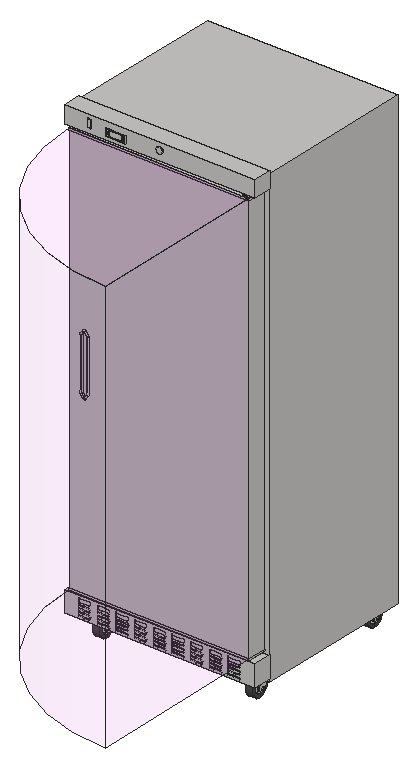
Revit family "QF_Kelvinator_738251_KCHRI25R1DRE_Reach_In_Back_Room_Refrigerator_31_Long", category Specialty Equipment, Revit 2021
Family settings
  Round Connector Dimension = Use Diameter
  Part Type = Normal
  Work Plane-Based = No
  Always vertical = Yes
  Cut with Voids When Loaded = No
  Shared = No
  Room Calculation Point = No
Parameters
  Weight in Pounds = 249.122
  Watts = if(Phase = 3, Volts * FL Amps * 1.73, Volts * FL Amps)  # 345 W
  Volts = 115 V
  URL Cutsheet = ""
  Specification by User = ""
  Specification by Manufacturer = ""
  Show Right Door [instance] = not(Show Left Door)  # no
  Show Left Door [instance] = yes
  Serial Number = ""
  Seismic Rating = ""
  SMACNA No = ""
  Revision Code = ""
  Refrigerant Type = "R290"
  Phase = 1
  Number of Poles = 1
  NAFEM Spec ID Number = ""
  Model = "738251 (KCHRI25R1DRE)"
  Min Ckt Ampacity = 0 A
  Max Overcurrent Protection = 0 A
  Masterspec = ""
  Manufacturer = "Kelvinator Commercial"
  Length = 30 9/16"
  Item Number = "738251"
  Installed By = ""
  Identify Quantity as Lot = yes
  Height = 77 3/16"
  HP = "1/5"
  Furnished By = ""
  Foodservice Equipment Identifier = yes
  FL Amps = 3 A
  Electrical Remarks = ""
  Electric Connection Type = ""
  Elec Conn RI Height = 0"
  Elec Conn Connection Height = 0"
  Description = "Reach In Back Room Refrigerator 31\" Long"
  Depth = 28 3/4"
  Default Elevation = 0"
  Cycle = 60 Hz
  Conn Plug = "5-15P"
  Conn Conduit = yes
  CSI MasterFormat = ""
  Apparent Power = if(Phase = 3, Volts * FL Amps * 1.73, Volts * FL Amps)  # 345 VA
Reference planes (in)
  plane 1 "BACK": y = 0
  plane 2: z = 0
  plane 3 "LEFT": x = 0
  plane 4 "RIGHT": x = 30.5625
  plane 5 "FRONT": y = -28.75
  plane 6 "TOP": z = 77.1875
  plane 7 "Center Y": x = 15.28125
  plane 8 "Center X": y = -14.375
Dimensions and locks (in)
  equal spacing: plane 3 "LEFT", plane 7 "Center Y", plane 4 "RIGHT"
  "Length": plane 3 "LEFT" to plane 4 "RIGHT"
  equal spacing: plane 5 "FRONT", plane 8 "Center X", plane 1 "BACK"
  "Depth": plane 5 "FRONT" to plane 1 "BACK"
  "Height": plane 6 "TOP" to level
  aligned and locked: level to plane 2
Nested families (in)
  nested 1: "KCHRI25R1DRE" at (0, 0, 0), Show Right Door <- "Show Right Door", Show Left Door <- "Show Left Door", type "KCHRI25R1DRE"
    with Show Right Door no, Show Left Door yes, Show Clearance yes
Connectors (in)
  electrical at (28.90625, -0.69297, 2.64771), driven by "Volts", driven by "Watts"
    settings: on nested 1, index 1, voltage 115 V, apparent load 345 VA, apparent load phase1 0 VA, apparent load phase2 0 VA, apparent load phase3 0 VA, power factor 1, load classification "Power", number of poles 1, system type 30, power factor state 1, is connector primary yes, connector utility no, sub classification motor no, connector description "Electrical Connection"
Definition of nested family "KCHRI25R1DRE"
  Parameters (values of type "KCHRI25R1DRE")
    Weight in Pounds = 0
    URL Cutsheet = ""
    Specification by User = ""
    Specification by Manufacturer = ""
    Show Right Door [instance] = yes
    Show Left Door [instance] = yes
    Show Clearance [instance] = yes
    Serial Number = ""
    Seismic Rating = ""
    SMACNA No = ""
    Revision Code = ""
    NAFEM Spec ID Number = ""
    Masterspec = ""
    Length = 30 9/16"
    Item Number = ""
    Installed By = ""
    Identify Quantity as Lot = yes
    Height = 77 3/16"
    Furnished By = ""
    Foodservice Equipment Identifier = yes
    Depth = 28 3/4"
    Default Elevation = 0"
    CSI MasterFormat = ""
  Reference planes (in)
    plane 1 "BACK": y = 0
    plane 2: z = 0
    plane 3 "LEFT": x = 0
    plane 4 "RIGHT": x = 30.5625
    plane 5 "FRONT": y = -28.75
    plane 6 "TOP": z = 77.1875
    plane 7 "Center Y": x = 15.28125
    plane 8 "Center X": y = -14.375
    plane 9: y = -57.64
    plane 10: y = -25.79
    plane 11: z = 3.545
    plane 12: z = 73.4275
    plane 13: z = 8.0775
  Forms (in)
    Extrusion 1, solid
      sketch origin (0, 0, 0) x (0, 1, 0) y (0, 0, 1)
        loop
          line (-25.79, 76.79) -> (-25.79, 3.545) -> (0, 3.545) -> (0, 76.79) -> (-25.79, 76.79)
      from 0 to 30.5625
    Extrusion 2, solid
      sketch origin (0, 0, 0) x (0, 1, 0) y (0, 0, 1)
        loop
          line (-28.75, 77.1875) -> (-28.75, 74.5625) -> (-25.79, 74.5625) -> (-25.79, 77.1875) -> (-28.75, 77.1875)
        loop
          line (-25.79, 4.045) -> (-25.79, 7.4425) -> (-28.75, 7.4425) -> (-28.75, 4.045) -> (-25.79, 4.045)
      from 0 to 30.5625
    Extrusion 3, solid
      sketch origin (0, -28.75, 77.1875) x (0, 0, -1) y (1, 0, 0)
        loop
          line (0.52222, 3.80686) -> (1.79472, 3.80686) -> (1.79472, 4.30686) -> (0.52222, 4.30686) -> (0.52222, 3.80686)
        loop
          circle (1.07423, 15.28125) r 0.5
      from 0 to 0.06
    Extrusion 4, solid
      sketch origin (-16.70908, -28.75, 66.95231) x (-1, 0, 0) y (0, 0, 1)
        loop
          line (-23.36283, 9.33272) -> (-26.51243, 9.33272) -> (-26.51243, 8.15162) -> (-23.36283, 8.15162) -> (-23.36283, 9.33272)
        loop
          line (-23.44157, 9.25607) -> (-23.83527, 9.25607) -> (-23.83527, 8.93693) -> (-23.44157, 8.93693) -> (-23.44157, 9.25607)
        loop
          line (-23.44157, 8.90174) -> (-23.83527, 8.90174) -> (-23.83527, 8.5826) -> (-23.44157, 8.5826) -> (-23.44157, 8.90174)
        loop
          line (-23.44157, 8.54741) -> (-23.83527, 8.54741) -> (-23.83527, 8.22827) -> (-23.44157, 8.22827) -> (-23.44157, 8.54741)
        loop
          line (-26.43369, 9.25607) -> (-26.43369, 8.93693) -> (-26.03999, 8.93693) -> (-26.03999, 9.25607) -> (-26.43369, 9.25607)
        loop
          line (-26.43369, 8.90174) -> (-26.43369, 8.5826) -> (-26.03999, 8.5826) -> (-26.03999, 8.90174) -> (-26.43369, 8.90174)
        loop
          line (-26.43369, 8.54741) -> (-26.43369, 8.22827) -> (-26.03999, 8.22827) -> (-26.03999, 8.54741) -> (-26.43369, 8.54741)
        loop
          line (-23.91275, 9.25607) -> (-25.96251, 9.25607) -> (-25.96251, 8.23216) -> (-23.91275, 8.23216) -> (-23.91275, 9.25607)
      from 0.07874 to -0.04602
    Extrusion 5, solid
      sketch origin (-16.70908, -28.79602, 66.95231) x (1, 0, 0) y (0, 0, 1)
        loop
          line (26.03999, 9.25607) -> (26.03999, 8.93693) -> (26.43369, 8.93693) -> (26.43369, 9.25607) -> (26.03999, 9.25607)
        loop
          line (26.03999, 8.90174) -> (26.03999, 8.5826) -> (26.43369, 8.5826) -> (26.43369, 8.90174) -> (26.03999, 8.90174)
        loop
          line (26.03999, 8.54741) -> (26.03999, 8.22827) -> (26.43369, 8.22827) -> (26.43369, 8.54741) -> (26.03999, 8.54741)
        loop
          line (23.83527, 9.25607) -> (23.44157, 9.25607) -> (23.44157, 8.93693) -> (23.83527, 8.93693) -> (23.83527, 9.25607)
        loop
          line (23.83527, 8.90174) -> (23.44157, 8.90174) -> (23.44157, 8.5826) -> (23.83527, 8.5826) -> (23.83527, 8.90174)
        loop
          line (23.83527, 8.54741) -> (23.44157, 8.54741) -> (23.44157, 8.22827) -> (23.83527, 8.22827) -> (23.83527, 8.54741)
      from 0 to -0.07874
    Extrusion 6, solid
      sketch origin (-16.70908, -28.79602, 66.95231) x (1, 0, 0) y (0, 0, 1)
        loop
          line (23.91275, 9.25607) -> (23.91275, 8.23216) -> (25.96251, 8.23216) -> (25.96251, 9.25607) -> (23.91275, 9.25607)
      from 0 to -0.07874
    Extrusion 7, void
      sketch origin (-16.70908, -28.75, 66.95231) x (-1, 0, 0) y (0, 0, 1)
        loop
          line (-23.36283, 9.33272) -> (-26.51243, 9.33272) -> (-26.51243, 8.15162) -> (-23.36283, 8.15162) -> (-23.36283, 9.33272)
      from 0 to 0.07874
    Extrusion 8, void
      sketch origin (0, -28.75, 4.045) x (0, 0, -1) y (-1, 0, 0)
        loop
          line (-3.085, -15.28125) -> (-3.085, -16.28125) -> (-2.375, -16.28125) -> (-2.375, -15.28125) -> (-2.375, -14.28125) -> (-3.085, -14.28125) -> (-3.085, -15.28125)
        loop
          line (-2.1875, -15.28125) -> (-2.1875, -16.28125) -> (-1.875, -16.28125) -> (-1.875, -15.28125) -> (-1.875, -14.28125) -> (-2.1875, -14.28125) -> (-2.1875, -15.28125)
        loop
          line (-1.6875, -15.28125) -> (-1.6875, -16.28125) -> (-1.375, -16.28125) -> (-1.375, -15.28125) -> (-1.375, -14.28125) -> (-1.6875, -14.28125) -> (-1.6875, -15.28125)
        loop
          line (-1.1875, -15.28125) -> (-1.1875, -16.28125) -> (-0.875, -16.28125) -> (-0.875, -15.28125) -> (-0.875, -14.28125) -> (-1.1875, -14.28125) -> (-1.1875, -15.28125)
        loop
          line (-0.6875, -15.28125) -> (-0.6875, -16.28125) -> (-0.375, -16.28125) -> (-0.375, -15.28125) -> (-0.375, -14.28125) -> (-0.6875, -14.28125) -> (-0.6875, -15.28125)
        loop
          line (-3.085, -18.28125) -> (-3.085, -19.28125) -> (-2.375, -19.28125) -> (-2.375, -18.28125) -> (-2.375, -17.28125) -> (-3.085, -17.28125) -> (-3.085, -18.28125)
        loop
          line (-2.1875, -18.28125) -> (-2.1875, -19.28125) -> (-1.875, -19.28125) -> (-1.875, -18.28125) -> (-1.875, -17.28125) -> (-2.1875, -17.28125) -> (-2.1875, -18.28125)
        loop
          line (-1.6875, -18.28125) -> (-1.6875, -19.28125) -> (-1.375, -19.28125) -> (-1.375, -18.28125) -> (-1.375, -17.28125) -> (-1.6875, -17.28125) -> (-1.6875, -18.28125)
        loop
          line (-1.1875, -18.28125) -> (-1.1875, -19.28125) -> (-0.875, -19.28125) -> (-0.875, -18.28125) -> (-0.875, -17.28125) -> (-1.1875, -17.28125) -> (-1.1875, -18.28125)
        loop
          line (-0.6875, -18.28125) -> (-0.6875, -19.28125) -> (-0.375, -19.28125) -> (-0.375, -18.28125) -> (-0.375, -17.28125) -> (-0.6875, -17.28125) -> (-0.6875, -18.28125)
        loop
          line (-3.085, -21.28125) -> (-3.085, -22.28125) -> (-2.375, -22.28125) -> (-2.375, -21.28125) -> (-2.375, -20.28125) -> (-3.085, -20.28125) -> (-3.085, -21.28125)
        loop
          line (-2.1875, -21.28125) -> (-2.1875, -22.28125) -> (-1.875, -22.28125) -> (-1.875, -21.28125) -> (-1.875, -20.28125) -> (-2.1875, -20.28125) -> (-2.1875, -21.28125)
        loop
          line (-1.6875, -21.28125) -> (-1.6875, -22.28125) -> (-1.375, -22.28125) -> (-1.375, -21.28125) -> (-1.375, -20.28125) -> (-1.6875, -20.28125) -> (-1.6875, -21.28125)
        loop
          line (-1.1875, -21.28125) -> (-1.1875, -22.28125) -> (-0.875, -22.28125) -> (-0.875, -21.28125) -> (-0.875, -20.28125) -> (-1.1875, -20.28125) -> (-1.1875, -21.28125)
        loop
          line (-0.6875, -21.28125) -> (-0.6875, -22.28125) -> (-0.375, -22.28125) -> (-0.375, -21.28125) -> (-0.375, -20.28125) -> (-0.6875, -20.28125) -> (-0.6875, -21.28125)
        loop
          line (-3.085, -24.28125) -> (-3.085, -25.28125) -> (-2.375, -25.28125) -> (-2.375, -24.28125) -> (-2.375, -23.28125) -> (-3.085, -23.28125) -> (-3.085, -24.28125)
        loop
          line (-2.1875, -24.28125) -> (-2.1875, -25.28125) -> (-1.875, -25.28125) -> (-1.875, -24.28125) -> (-1.875, -23.28125) -> (-2.1875, -23.28125) -> (-2.1875, -24.28125)
        loop
          line (-1.6875, -24.28125) -> (-1.6875, -25.28125) -> (-1.375, -25.28125) -> (-1.375, -24.28125) -> (-1.375, -23.28125) -> (-1.6875, -23.28125) -> (-1.6875, -24.28125)
        loop
          line (-1.1875, -24.28125) -> (-1.1875, -25.28125) -> (-0.875, -25.28125) -> (-0.875, -24.28125) -> (-0.875, -23.28125) -> (-1.1875, -23.28125) -> (-1.1875, -24.28125)
        loop
          line (-0.6875, -24.28125) -> (-0.6875, -25.28125) -> (-0.375, -25.28125) -> (-0.375, -24.28125) -> (-0.375, -23.28125) -> (-0.6875, -23.28125) -> (-0.6875, -24.28125)
        loop
          line (-3.085, -27.28125) -> (-3.085, -28.28125) -> (-2.375, -28.28125) -> (-2.375, -27.28125) -> (-2.375, -26.28125) -> (-3.085, -26.28125) -> (-3.085, -27.28125)
        loop
          line (-2.1875, -27.28125) -> (-2.1875, -28.28125) -> (-1.875, -28.28125) -> (-1.875, -27.28125) -> (-1.875, -26.28125) -> (-2.1875, -26.28125) -> (-2.1875, -27.28125)
        loop
          line (-1.6875, -27.28125) -> (-1.6875, -28.28125) -> (-1.375, -28.28125) -> (-1.375, -27.28125) -> (-1.375, -26.28125) -> (-1.6875, -26.28125) -> (-1.6875, -27.28125)
        loop
          line (-1.1875, -27.28125) -> (-1.1875, -28.28125) -> (-0.875, -28.28125) -> (-0.875, -27.28125) -> (-0.875, -26.28125) -> (-1.1875, -26.28125) -> (-1.1875, -27.28125)
        loop
          line (-0.6875, -27.28125) -> (-0.6875, -28.28125) -> (-0.375, -28.28125) -> (-0.375, -27.28125) -> (-0.375, -26.28125) -> (-0.6875, -26.28125) -> (-0.6875, -27.28125)
        loop
          line (-3.085, -12.28125) -> (-3.085, -13.28125) -> (-2.375, -13.28125) -> (-2.375, -12.28125) -> (-2.375, -11.28125) -> (-3.085, -11.28125) -> (-3.085, -12.28125)
        loop
          line (-2.1875, -12.28125) -> (-2.1875, -13.28125) -> (-1.875, -13.28125) -> (-1.875, -12.28125) -> (-1.875, -11.28125) -> (-2.1875, -11.28125) -> (-2.1875, -12.28125)
        loop
          line (-1.6875, -12.28125) -> (-1.6875, -13.28125) -> (-1.375, -13.28125) -> (-1.375, -12.28125) -> (-1.375, -11.28125) -> (-1.6875, -11.28125) -> (-1.6875, -12.28125)
        loop
          line (-1.1875, -12.28125) -> (-1.1875, -13.28125) -> (-0.875, -13.28125) -> (-0.875, -12.28125) -> (-0.875, -11.28125) -> (-1.1875, -11.28125) -> (-1.1875, -12.28125)
        loop
          line (-0.6875, -12.28125) -> (-0.6875, -13.28125) -> (-0.375, -13.28125) -> (-0.375, -12.28125) -> (-0.375, -11.28125) -> (-0.6875, -11.28125) -> (-0.6875, -12.28125)
        loop
          line (-3.085, -9.28125) -> (-3.085, -10.28125) -> (-2.375, -10.28125) -> (-2.375, -9.28125) -> (-2.375, -8.28125) -> (-3.085, -8.28125) -> (-3.085, -9.28125)
        loop
          line (-2.1875, -9.28125) -> (-2.1875, -10.28125) -> (-1.875, -10.28125) -> (-1.875, -9.28125) -> (-1.875, -8.28125) -> (-2.1875, -8.28125) -> (-2.1875, -9.28125)
        loop
          line (-1.6875, -9.28125) -> (-1.6875, -10.28125) -> (-1.375, -10.28125) -> (-1.375, -9.28125) -> (-1.375, -8.28125) -> (-1.6875, -8.28125) -> (-1.6875, -9.28125)
        loop
          line (-1.1875, -9.28125) -> (-1.1875, -10.28125) -> (-0.875, -10.28125) -> (-0.875, -9.28125) -> (-0.875, -8.28125) -> (-1.1875, -8.28125) -> (-1.1875, -9.28125)
        loop
          line (-0.6875, -9.28125) -> (-0.6875, -10.28125) -> (-0.375, -10.28125) -> (-0.375, -9.28125) -> (-0.375, -8.28125) -> (-0.6875, -8.28125) -> (-0.6875, -9.28125)
        loop
          line (-3.085, -6.28125) -> (-3.085, -7.28125) -> (-2.375, -7.28125) -> (-2.375, -6.28125) -> (-2.375, -5.28125) -> (-3.085, -5.28125) -> (-3.085, -6.28125)
        loop
          line (-2.1875, -6.28125) -> (-2.1875, -7.28125) -> (-1.875, -7.28125) -> (-1.875, -6.28125) -> (-1.875, -5.28125) -> (-2.1875, -5.28125) -> (-2.1875, -6.28125)
        loop
          line (-1.6875, -6.28125) -> (-1.6875, -7.28125) -> (-1.375, -7.28125) -> (-1.375, -6.28125) -> (-1.375, -5.28125) -> (-1.6875, -5.28125) -> (-1.6875, -6.28125)
        loop
          line (-1.1875, -6.28125) -> (-1.1875, -7.28125) -> (-0.875, -7.28125) -> (-0.875, -6.28125) -> (-0.875, -5.28125) -> (-1.1875, -5.28125) -> (-1.1875, -6.28125)
        loop
          line (-0.6875, -6.28125) -> (-0.6875, -7.28125) -> (-0.375, -7.28125) -> (-0.375, -6.28125) -> (-0.375, -5.28125) -> (-0.6875, -5.28125) -> (-0.6875, -6.28125)
        loop
          line (-3.085, -3.28125) -> (-3.085, -4.28125) -> (-2.375, -4.28125) -> (-2.375, -3.28125) -> (-2.375, -2.28125) -> (-3.085, -2.28125) -> (-3.085, -3.28125)
        loop
          line (-2.1875, -3.28125) -> (-2.1875, -4.28125) -> (-1.875, -4.28125) -> (-1.875, -3.28125) -> (-1.875, -2.28125) -> (-2.1875, -2.28125) -> (-2.1875, -3.28125)
        loop
          line (-1.6875, -3.28125) -> (-1.6875, -4.28125) -> (-1.375, -4.28125) -> (-1.375, -3.28125) -> (-1.375, -2.28125) -> (-1.6875, -2.28125) -> (-1.6875, -3.28125)
        loop
          line (-1.1875, -3.28125) -> (-1.1875, -4.28125) -> (-0.875, -4.28125) -> (-0.875, -3.28125) -> (-0.875, -2.28125) -> (-1.1875, -2.28125) -> (-1.1875, -3.28125)
        loop
          line (-0.6875, -3.28125) -> (-0.6875, -4.28125) -> (-0.375, -4.28125) -> (-0.375, -3.28125) -> (-0.375, -2.28125) -> (-0.6875, -2.28125) -> (-0.6875, -3.28125)
      from 0 to 0.03
    Extrusion 9, solid
      sketch origin (13.625, 0, 3.545) x (-1, 0, 0) y (0, 1, 0)
        loop
          circle (-15.28125, -0.69297) r 0.25
      from 0 to 0.89729
  Cuts and joins
    Extrusion 7 cuts Extrusion 4
    Extrusion 8 cuts Extrusion 1
    Extrusion 8 cuts Extrusion 2
  Lines and regions (in)
    Split face 1
      outline origin (0, -28.75, 77) x (0, 0, -1) y (1, 0, 0)
        loop
          line (-0.0225, 27.9375) -> (-0.0225, 2.625)
          arc (-0.0225, 2.625) -> (1.1025, 1.5) -> (2.2275, 2.625) r 1.125
          line (2.2275, 2.625) -> (2.2275, 27.9375)
          arc (2.2275, 27.9375) -> (1.1025, 29.0625) -> (-0.0225, 27.9375) r 1.125
    symbolic lines
      curve 1: line (0, -28.75, 0) -> (0, 0, 0)
      curve 2: line (30.5625, 0, 0) -> (0, 0, 0)
      curve 3: line (30.5625, -28.75, 0) -> (30.5625, 0, 0)
      curve 4: line (30.5625, -25.79, 0) -> (0, -25.79, 0)
      curve 5: line (0, -28.75, 0) -> (30.5625, -28.75, 0)
      curve 6: line (3.80686, -28.81, 0) -> (4.30686, -28.81, 0)
      curve 7: line (4.30686, -28.81, 0) -> (4.30686, -28.75, 0)
      curve 8: line (3.80686, -28.81, 0) -> (3.80686, -28.75, 0)
      curve 9: line (6.65374, -28.79602, 0) -> (9.80335, -28.79602, 0)
      curve 10: line (9.80335, -28.79602, 0) -> (9.80335, -28.75, 0)
      curve 11: line (6.65374, -28.79602, 0) -> (6.65374, -28.75, 0)
      curve 12: line (14.78125, -28.81, 0) -> (15.78125, -28.81, 0)
      curve 13: line (15.78125, -28.81, 0) -> (15.78125, -28.75, 0)
      curve 14: line (14.78125, -28.81, 0) -> (14.78125, -28.75, 0)
  Dimensions and locks (in)
    plane 3 "LEFT" to plane 7 "Center Y" to plane 4 "RIGHT" = 15 9/32", 15 9/32"
    "Length": plane 3 "LEFT" to plane 4 "RIGHT"
    equal spacing: plane 5 "FRONT", plane 8 "Center X", plane 1 "BACK"
    "Depth": plane 5 "FRONT" to plane 1 "BACK"
    "Height": plane 6 "TOP" to level
    plane 9 to plane 1 "BACK" = 57.64"
    plane 10 to plane 1 "BACK" = 25.79"
    plane 5 "FRONT" to plane 10 = 2.96"
    plane 6 "TOP" to plane 11 = 73.6425"
    plane 6 "TOP" to level = 77 3/16"
    plane 12 to plane 13 = 65.35"
    plane 11 to level = 3.545"
    aligned and locked: level to plane 2
  Automatic sketch dimensions
    Extrusion 1 sketch curve to plane 10 = 0"
    Extrusion 1 sketch curve to plane 1 "BACK" = 0"
    Extrusion 1 sketch curve to plane 11 = 0"
    Extrusion 1 sketch curve to plane 6 "TOP" = 0.3975"
    Extrusion 2 sketch curve to plane 5 "FRONT" = 0"  (x2)
    Extrusion 2 sketch curve to plane 10 = 0"  (x2)
    plane 11 to Extrusion 2 sketch curve = 1/2"
    Extrusion 2 sketch curve to plane 13 = 0.635"
    plane 12 to Extrusion 2 sketch curve = 1.135"
    Split face 1 sketch curve to Extrusion 2 = 2 5/8"  (x2)
    Split face 1 sketch curve to Split face 1 sketch curve = 1 1/8"
    Extrusion 3 sketch curve to Extrusion 2 = 0.83028"
    Extrusion 2 to Extrusion 3 sketch curve = 3.80686"
    Extrusion 3 sketch curve to Extrusion 3 sketch curve = 1/2"
    Extrusion 3 sketch curve to Extrusion 3 sketch curve = 10.97439"
    Extrusion 4 sketch curve to plane 6 "TOP" = 0.90247"
    Extrusion 4 sketch curve to plane 7 "Center Y" = 5.4779"
    Extrusion 4 sketch curve to Extrusion 4 sketch curve = 0.07874"  (x3)
    Extrusion 4 sketch curve to Extrusion 4 sketch curve = 0"  (x8)
    Extrusion 4 sketch curve to Extrusion 4 sketch curve = 0.3937"  (x2)
    Extrusion 4 sketch curve to Extrusion 4 sketch curve = 0.07748"  (x3)
    Extrusion 4 sketch curve to Extrusion 4 sketch curve = 2.04976"
    Extrusion 4 sketch curve to Extrusion 4 sketch curve = 0.07665"  (x2)
    Extrusion 4 sketch curve to Extrusion 4 sketch curve = 0.31914"  (x6)
    Extrusion 4 sketch curve to Extrusion 4 sketch curve = 0.03519"  (x4)
    Extrusion 4 sketch curve to Extrusion 4 sketch curve = 0.31525"
    Extrusion 4 to Extrusion 5 sketch curve = 0"  (x10)
    Extrusion 5 sketch curve to Extrusion 4 = 0"  (x14)
    Extrusion 6 sketch curve to Extrusion 4 = 0"  (x3)
    Extrusion 4 to Extrusion 6 sketch curve = 0"
    Extrusion 7 sketch curve to plane 6 "TOP" = 0.90247"
    Extrusion 7 sketch curve to plane 7 "Center Y" = 5.4779"
    Extrusion 7 sketch curve to Extrusion 7 sketch curve = 3.14961"
    Extrusion 7 sketch curve to Extrusion 7 sketch curve = 1.1811"
    Extrusion 2 to Extrusion 8 sketch curve = 3/8"  (x9)
    Extrusion 8 sketch curve to Extrusion 8 sketch curve = 5/16"  (x36)
    Extrusion 8 sketch curve to Extrusion 8 sketch curve = 3/16"  (x36)
    Extrusion 2 to Extrusion 8 sketch curve = 5/16"  (x9)
    Extrusion 2 to Extrusion 8 sketch curve = 2 9/32"
    Extrusion 8 sketch curve to Extrusion 8 sketch curve = 0"  (x141)
    Extrusion 8 sketch curve to Extrusion 8 sketch curve = 1"  (x38)
    plane 1 "BACK" to curve 1 = 0"
    curve 1 to plane 3 "LEFT" = 0"
    plane 5 "FRONT" to curve 14 = 0"
    curve 3 to plane 4 "RIGHT" = 0"
    plane 10 to curve 4 = 0"
    plane 5 "FRONT" to curve 6 = 0.06"
    plane 3 "LEFT" to curve 6 = 3.80686"
    curve 6 to curve 7 = 1/2"
    plane 5 "FRONT" to curve 9 = 0.04602"
    curve 6 to curve 9 = 2.34688"
    curve 9 to curve 10 = 3.14961"
    plane 5 "FRONT" to curve 13 = 0.06"
    plane 7 "Center Y" to curve 13 = 1/2"
    curve 14 to plane 7 "Center Y" = 1/2"
    Extrusion 1 to Extrusion 9 sketch curve = 0.69297"
    Extrusion 9 sketch curve to Extrusion 1 = 1 21/32"
    Split face 1 sketch curve to Extrusion 2 = 0.165"
    Extrusion 3 sketch curve to Extrusion 2 = 1 19/256"
    Extrusion 3 sketch curve to Extrusion 2 = 0.52222"
    Extrusion 2 sketch curve to plane 6 "TOP" = 0"
    radius of Extrusion 3 sketch curve = 1/2"
    radius of Extrusion 9 sketch curve = 1/4"
  Nested families (in)
    nested 1: "Family4" at (0.78452, -25.79, 7.7025), Show Clearance <- "Show Left Door", visible <- "Show Left Door", type "Family4"
    nested 2: "4 INCHES_CASTER" at (27.5625, -23.79, 0), type "4 INCHES_CASTER"
      with Type Mark "", Specification by User "", Show 4 Inches Casters yes, Revision Code "", Item Number "", Installed By "", Identify Quantity as Lot yes, Furnished By "", Foodservice Equipment Identifier yes
    nested 3: "4 INCHES_CASTER" at (3, -23.79, 0), type "4 INCHES_CASTER"
      with Type Mark "", Specification by User "", Show 4 Inches Casters yes, Revision Code "", Item Number "", Installed By "", Identify Quantity as Lot yes, Furnished By "", Foodservice Equipment Identifier yes
    nested 4: "4 INCHES_CASTER" at (27.5625, -2.415, 0) x (-1, 0, 0) z (0, 0, 1), type "4 INCHES_CASTER"
      with Type Mark "", Specification by User "", Show 4 Inches Casters yes, Revision Code "", Item Number "", Installed By "", Identify Quantity as Lot yes, Furnished By "", Foodservice Equipment Identifier yes
    nested 5: "4 INCHES_CASTER" at (3, -2.415, 0) x (-1, 0, 0) z (0, 0, 1), type "4 INCHES_CASTER"
      with Type Mark "", Specification by User "", Show 4 Inches Casters yes, Revision Code "", Item Number "", Installed By "", Identify Quantity as Lot yes, Furnished By "", Foodservice Equipment Identifier yes
    nested 6: "Family4" at (29.77798, -25.79, 7.7025) x (-1, 0, 0) z (0, 0, 1), Show Clearance <- "Show Right Door", visible <- "Show Right Door", type "Family4"
  Definition of nested family "Family4"
    Parameters (values of type "Family4")
      Weight in Pounds = 0
      URL Cutsheet = ""
      Specification by User = ""
      Specification by Manufacturer = ""
      Show Clearance [instance] = yes
      Serial Number = ""
      Seismic Rating = ""
      SMACNA No = ""
      Revision Code = ""
      NAFEM Spec ID Number = ""
      Masterspec = ""
      Length = 28.89"
      Item Number = ""
      Installed By = ""
      Identify Quantity as Lot = yes
      Height = 66 1/2"
      Furnished By = ""
      Foodservice Equipment Identifier = yes
      Depth = 2.95"
      Default Elevation = 0"
      CSI MasterFormat = ""
    Reference planes (in)
      plane 1 "BACK": y = 0
      plane 2: z = 0
      plane 3 "LEFT": x = 0
      plane 4 "RIGHT": x = 28.89
      plane 5 "FRONT": y = -2.95
      plane 6 "TOP": z = 66.5
      plane 7 "Center Y": x = 14.445
      plane 8 "Center X": y = -1.475
    Forms (in)
      Extrusion 1, solid
        sketch origin (0, 0, 0) x (1, 0, 0) y (0, 0, 1)
          loop
            line (0, 66.5) -> (0, 0) -> (28.89, 0) -> (28.89, 66.5) -> (0, 66.5)
        from 0 to 2.95
      Extrusion 2, void
        sketch origin (0, -2.95, 3) x (-1, 0, 0) y (0, 0, 1)
          loop
            line (-1.94791, 26.10318) -> (-1.94791, 34.45318) -> (-2.28604, 34.99418)
            arc (-2.28604, 34.99418) -> (-2.38541, 35.04926) -> (-2.48479, 34.99418) r 0.11719
            line (-2.48479, 34.99418) -> (-2.82291, 34.45318) -> (-2.82291, 26.10318) -> (-2.48621, 25.56446)
            arc (-2.48621, 25.56446) -> (-2.38541, 25.50859) -> (-2.28462, 25.56446) r 0.11887
            line (-2.28462, 25.56446) -> (-1.94791, 26.10318)
        from 0 to 0.31887
      Sweep 3, solid
        path origin (0, 0, 3) x (1, 0, 0) y (0, 0, 1)
          loop
            line (2.82291, 34.45318) -> (2.48479, 34.99418)
            arc (2.48479, 34.99418) -> (2.38541, 35.04926) -> (2.28604, 34.99418) r 0.11719
            line (2.28604, 34.99418) -> (1.94791, 34.45318) -> (1.94791, 26.10318) -> (2.28462, 25.56446)
            arc (2.28462, 25.56446) -> (2.38541, 25.50859) -> (2.48621, 25.56446) r 0.11887
            line (2.48621, 25.56446) -> (2.82291, 26.10318) -> (2.82291, 34.45318)
        profile origin (2.82291, 0, 33.27818) x (0, -1, 0) y (1, 0, 0)
          loop
            arc (2.95, 0) -> (3.00269, 0.125) -> (2.95, 0.25) r 0.17461
            line (2.95, 0.25) -> (2.95, 0)
      Extrusion 4, solid, visible <- "Show Clearance"
        sketch origin (0, 0, 0) x (1, 0, 0) y (0, 1, 0)
          loop
            arc (0, -2.95) -> (8.46169, -23.37831) -> (28.89, -31.84) r 28.89
            line (28.89, -31.84) -> (28.89, -2.95) -> (0, -2.95)
        from 0 to 66.5
      Extrusion 5, solid
        sketch origin (-10.88143, -1.475, 48) x (-1, 0, 0) y (0, 0, 1)
          loop
            line (-10.78768, 18.5) -> (-39.86518, 18.5) -> (-39.86518, 18.25) -> (-10.78768, 18.25) -> (-10.78768, 18.5)
          loop
            line (-10.78768, -48) -> (-10.78768, -47.75) -> (-39.86518, -47.75) -> (-39.86518, -48) -> (-10.78768, -48)
        from -1.57031 to 1.57031
      Extrusion 6, solid
        sketch origin (0, 0, 0) x (1, 0, 0) y (0, 1, 0)
          loop
            line (28.89, 0) -> (27.14, 0) -> (27.89, -2.95) -> (28.89, -2.95) -> (28.89, 0)
        from 0 to -0.125
      Extrusion 7, solid
        sketch origin (0, 0, 66.5) x (1, 0, 0) y (0, 1, 0)
          loop
            line (28.89, 0) -> (27.14, 0) -> (27.89, -2.95) -> (28.89, -2.95) -> (28.89, 0)
        from 0 to 0.125
    Cuts and joins
      Extrusion 2 cuts Extrusion 1
    Lines and regions (in)
      symbolic lines, visible <- "Show Clearance"
        curve 1: arc (0, -2.95, 0) -> (0.84294, -9.87781, 0) -> (3.32257, -16.40134, 0) r 28.89
        curve 2: line (28.89, -2.95, 0) -> (3.32257, -16.40134, 0)
    Dimensions and locks (in)
      equal spacing: plane 3 "LEFT", plane 7 "Center Y", plane 4 "RIGHT"
      "Length": plane 3 "LEFT" to plane 4 "RIGHT"
      equal spacing: plane 5 "FRONT", plane 8 "Center X", plane 1 "BACK"
      "Depth": plane 5 "FRONT" to plane 1 "BACK"
      "Height": plane 6 "TOP" to level
      aligned and locked: level to plane 2
    Automatic sketch dimensions
      curve 1 to plane 3 "LEFT" = 0"
      curve 2 to plane 4 "RIGHT" = 0"
      curve 1 to plane 4 "RIGHT" = 0"
      plane 5 "FRONT" to curve 2 = 0"
      plane 5 "FRONT" to curve 1 = 0"
      plane 3 "LEFT" to curve 2 = 3.32257"
      Extrusion 1 sketch curve to level = 0"
      Extrusion 1 sketch curve to plane 3 "LEFT" = 0"
      plane 4 "RIGHT" to Extrusion 1 sketch curve = 0"
      Extrusion 1 sketch curve to plane 6 "TOP" = 0"
      Extrusion 1 to Extrusion 2 sketch curve = 2.82291"
      Extrusion 2 sketch curve to Extrusion 2 sketch curve = 0.3367"
      Extrusion 2 sketch curve to Extrusion 2 sketch curve = 0.33813"  (x2)
      Extrusion 2 sketch curve to Extrusion 2 sketch curve = 0.09937"  (x2)
      Extrusion 2 sketch curve to Extrusion 2 sketch curve = 0.1008"  (x2)
      Extrusion 1 to Extrusion 2 sketch curve = 28.56446"
      Extrusion 2 sketch curve to Extrusion 2 sketch curve = 0.063"
      Extrusion 2 sketch curve to Extrusion 2 sketch curve = 0.53872"  (x2)
      Extrusion 2 sketch curve to Extrusion 2 sketch curve = 8.35"
      Extrusion 2 sketch curve to Extrusion 2 sketch curve = 0"
      Extrusion 2 sketch curve to Extrusion 2 sketch curve = 0.47889"
      Extrusion 2 sketch curve to Extrusion 2 sketch curve = 0.06211"
      plane 3 "LEFT" to Sweep 3 sketch curve = 1.94791"
      Sweep 3 sketch curve to Sweep 3 sketch curve = 0.3367"
      Sweep 3 sketch curve to Sweep 3 sketch curve = 0.33813"  (x2)
      Sweep 3 sketch curve to Sweep 3 sketch curve = 0.09937"  (x2)
      Sweep 3 sketch curve to Sweep 3 sketch curve = 0.1008"  (x2)
      level to Sweep 3 sketch curve = 28.56446"
      Sweep 3 sketch curve to Sweep 3 sketch curve = 0.063"
      Sweep 3 sketch curve to Sweep 3 sketch curve = 0.53872"  (x2)
      Sweep 3 sketch curve to Sweep 3 sketch curve = 8.35"
      Sweep 3 sketch curve to Sweep 3 sketch curve = 0"
      Sweep 3 sketch curve to Sweep 3 sketch curve = 0.47889"
      Sweep 3 sketch curve to Sweep 3 sketch curve = 0.06211"
      Sweep 3 sketch curve to profile plane = 0"
      Sweep 3 sketch curve to profile plane = 1/8"
      plane 1 "BACK" to Sweep 3 sketch curve = 2.82809"
      Sweep 3 sketch curve to Sweep 3 sketch curve = 0.12191"
      Extrusion 4 sketch curve to plane 3 "LEFT" = 0"
      Extrusion 4 sketch curve to plane 4 "RIGHT" = 0"
      plane 5 "FRONT" to Extrusion 4 sketch curve = 0"
      Extrusion 5 sketch curve to plane 6 "TOP" = 0"
      Extrusion 5 sketch curve to level = 0"
      Extrusion 5 sketch curve to plane 4 "RIGHT" = 3/32"  (x2)
      Extrusion 5 sketch curve to plane 3 "LEFT" = 3/32"  (x2)
      level to Extrusion 5 sketch curve = 1/4"
      Extrusion 5 sketch curve to Extrusion 5 sketch curve = 1/4"
      plane 1 "BACK" to Extrusion 6 sketch curve = 0"
      plane 5 "FRONT" to Extrusion 6 sketch curve = 0"
      Extrusion 6 sketch curve to plane 4 "RIGHT" = 0"
      Extrusion 6 sketch curve to Extrusion 6 sketch curve = 1"
      Extrusion 6 sketch curve to Extrusion 6 sketch curve = 1 3/4"
      Extrusion 7 sketch curve to Extrusion 4 = 0"  (x2)
      Extrusion 7 sketch curve to Extrusion 7 sketch curve = 1"
      Extrusion 7 sketch curve to Extrusion 7 sketch curve = 1 3/4"
      Extrusion 4 to Extrusion 7 sketch curve = 2.95"
  Definition of nested family "4 INCHES_CASTER"
    Parameters (values of type "4 INCHES_CASTER")
      Weight = ""
      URL Manufacturer = ""
      URL Cutsheet = ""
      URL = ""
      Type Mark [instance] = ""
      Specification by User [instance] = ""
      Specification by Manufacturer = ""
      Show 4 Inches Casters [instance] = yes
      Serial Number = ""
      Seismic Rating = ""
      SMACNA No = ""
      Revision Code [instance] = ""
      Omniclass Number and Title = ""
      NAFEM Spec ID Number = ""
      Model = ""
      MasterSpec. = ""
      Manufacturer = ""
      Item Number [instance] = ""
      Installed By [instance] = ""
      Identify Quantity as Lot [instance] = yes
      Furnished By [instance] = ""
      Foodservice Equipment Identifier [instance] = yes
      Description = ""
      Default Elevation = 0"
      CSI MasterFormat = ""
      CSI Master Format = ""
      Assembly Code = ""
    Reference planes (in)
      plane 1: z = 0
      plane 2 "RIGHT": x = 0
      plane 3 "FRONT": y = 0
      plane 4 "TOP": z = 3.94
    Forms (in)
      Revolve 1, solid, visible <- "Show 4 Inches Casters"
        sketch origin (-1.93794, 0.83816, -1.0041) x (1, 0, 0) y (0, 0, 1)
          loop
            line (0.74055, 2.5041) -> (3.15007, 2.5041) -> (3.15007, 2.5796) -> (3.10007, 2.6296) -> (3.04007, 2.6296) -> (3.04007, 2.74967) -> (2.62438, 2.74967) -> (2.62438, 2.93884) -> (2.48438, 3.01967) -> (2.45908, 3.17597) -> (2.51563, 3.17597) -> (2.51563, 3.41035) -> (2.48438, 3.41035) -> (2.48438, 4.0041) -> (1.375, 4.0041) -> (1.375, 3.41035) -> (1.34375, 3.41035) -> (1.34375, 3.17597) -> (1.4003, 3.17597) -> (1.37557, 3.02318) -> (1.235, 2.94202) -> (1.235, 2.74967) -> (0.85055, 2.74967) -> (0.85055, 2.6296) -> (0.79055, 2.6296) -> (0.74055, 2.5796) -> (0.74055, 2.5041)
          axis (0.74055, 2.5041) -> (3.15007, 2.5041)
        angle from 0 to 360
      Extrusion 2, solid, visible <- "Show 4 Inches Casters"
        sketch origin (-1.93794, 1.80294, -1.7541) x (0, 1, 0) y (0, 0, 1)
          loop
            line (-3.08794, 5.33423) -> (-3.08794, 5.00584) -> (-2.69466, 5.00584)
            arc (-2.69466, 5.00584) -> (-1.57175, 4.94895) -> (-0.46376, 4.75787) r 9.36411
            arc (-0.46376, 4.75787) -> (-0.05889, 4.58436) -> (0.28335, 4.30705) r 1.60049
            line (0.28335, 4.30705) -> (0.34449, 4.39437)
            arc (0.34449, 4.39437) -> (0.12713, 4.6163) -> (-0.1239, 4.79931) r 1.8753
            line (-0.1239, 4.79931) -> (-0.05749, 4.91421)
            arc (-0.05749, 4.91421) -> (-0.33807, 5.05694) -> (-0.64294, 5.13542) r 1.44292
            line (-0.64294, 5.13542) -> (-0.64294, 5.33423) -> (-3.08794, 5.33423)
        from 1.1267 to 2.74918
      Revolve 3, solid, visible <- "Show 4 Inches Casters"
        sketch origin (0, 2.15543, -2.25) x (0, 1, 0) y (0, 0, 1)
          loop
            line (-2.21793, 6.19) -> (-2.21793, 5.83014) -> (-1.05793, 5.83014) -> (-1.05793, 6.19) -> (-2.21793, 6.19)
          axis (-2.21793, 5.83014) -> (-2.21793, 6.19)
        angle from 0 to 360
      Extrusion 4, solid, visible <- "Show 4 Inches Casters"
        sketch origin (-1.93794, 1.80294, -1.7541) x (0, 1, 0) y (0, 0, 1)
          loop
            line (-3.08794, 5.33423) -> (-3.08794, 5.00584) -> (-2.8913, 5.00584)
            arc (-2.8913, 5.00584) -> (-2.09118, 4.14057) -> (-1.45681, 3.14736) r 6.63355
            arc (-1.45681, 3.14736) -> (-0.85703, 2.75969) -> (-0.4561, 3.35069) r 0.5107
            arc (-0.4561, 3.35069) -> (-0.27092, 3.92503) -> (0.24034, 4.24562) r 0.88136
            line (0.24034, 4.24562) -> (0.34449, 4.39437)
            arc (0.34449, 4.39437) -> (0.12713, 4.6163) -> (-0.1239, 4.79931) r 1.8753
            line (-0.1239, 4.79931) -> (-0.05749, 4.91421)
            arc (-0.05749, 4.91421) -> (-0.33807, 5.05694) -> (-0.64294, 5.13542) r 1.44292
            line (-0.64294, 5.13542) -> (-0.64294, 5.33423) -> (-3.08794, 5.33423)
        from 2.74918 to 2.90825
      Extrusion 5, solid, visible <- "Show 4 Inches Casters"
        sketch origin (1.93794, 1.80294, -1.7541) x (0, 1, 0) y (0, 0, -1)
          loop
            line (-3.08794, -5.33423) -> (-0.64294, -5.33423) -> (-0.64294, -5.13542)
            arc (-0.64294, -5.13542) -> (-0.33807, -5.05694) -> (-0.05749, -4.91421) r 1.44292
            line (-0.05749, -4.91421) -> (-0.1239, -4.79931)
            arc (-0.1239, -4.79931) -> (0.12713, -4.6163) -> (0.34449, -4.39437) r 1.8753
            line (0.34449, -4.39437) -> (0.24034, -4.24562)
            arc (0.24034, -4.24562) -> (-0.27092, -3.92503) -> (-0.4561, -3.35069) r 0.88136
            arc (-0.4561, -3.35069) -> (-0.85703, -2.75969) -> (-1.45681, -3.14736) r 0.5107
            arc (-1.45681, -3.14736) -> (-2.09118, -4.14057) -> (-2.8913, -5.00584) r 6.63355
            line (-2.8913, -5.00584) -> (-3.08794, -5.00584) -> (-3.08794, -5.33423)
        from 2.74918 to 2.90825
    Cuts and joins
      joined: Extrusion 2, Extrusion 4, Extrusion 5
    Lines and regions (in)
      symbolic lines, visible <- "Show 4 Inches Casters"
        curve 1: line (0.28481, 1.83041, 0) -> (1.24556, 1.27572, 0)
        curve 2: line (-1.26206, -0.84886, 0) -> (0.28481, 1.83041, 0)
        curve 3: line (-0.30132, -1.40355, 0) -> (-1.26206, -0.84886, 0)
        curve 4: line (1.24556, 1.27572, 0) -> (-0.30132, -1.40355, 0)
    Dimensions and locks (in)
      plane 4 "TOP" to level = 3.94"  (x2)
      aligned and locked: level to plane 1
